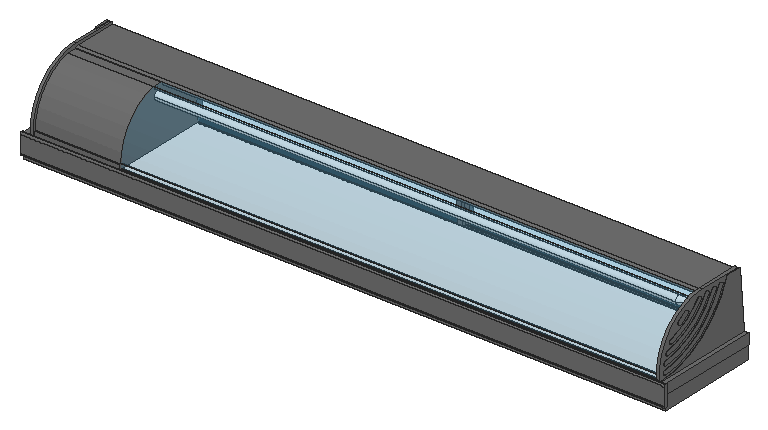
Revit family "QF_HOSHIZAKI_HNC-210BE-L-B", category Specialty Equipment, Revit 2016
Family settings
  Part Type = Normal
  Round Connector Dimension = Use Diameter
  OmniClass Number = 23.40.40.14
  OmniClass Title = Food Service Equipment
  Work Plane-Based = No
  Always vertical = Yes
  Cut with Voids When Loaded = No
  Shared = No
  Room Calculation Point = No
Parameters (values of type "HNC-210BE-L-B_240V/1Ph/50Hz")
  Weight = 47.00 kg
  Volts = 240 V
  URL Cutsheet = ""
  URL = "www.hoshizaki-europe.com"
  Status [instance] = ""
  Specification by User [instance] = ""
  Specification by Manufacturer [instance] = ""
  Serial Number = ""
  Seismic Rating = ""
  SMACNA No = ""
  Revision Code [instance] = ""
  Phase = 1
  Number of Poles = 2
  NAFEM Spec ID Number = ""
  Model = "HNC-210BE-L-B"
  Min Ckt Ampacity = 0 A
  Max Overcurrent Protection = 0 A
  Masterspec = ""
  Manufacturer = "HOSHIZAKI"
  Length Actual = 2100 mm
  Item Number [instance] = ""
  Installed By [instance] = ""
  Identify Quantity as Lot [instance] = no
  Height Actual = 270 mm
  HP power = ""
  Furnished By [instance] = ""
  Foodservice Equipment Identifier [instance] = yes
  FL Amps = 0.63 A
  Electric power = 150 W
  Electric Connection Type [instance] = ""
  Elec Conn RI Height [instance] = 0 mm
  Elec Conn Connection Height [instance] = 18 mm
  Description = "87 LITRE SUSHI CASE, BLACK, LEFT MOUNTED CONDENSER"
  Depth Actual = 345 mm
  Cycle = 50 Hz
  Cost = 0
  Conn Plug = ""
  Conn Conduit = no
  CSI MasterFormat = ""
  Assembly Code = "E1090320"
  Apparent Power = 150 VA
  Accessory = no
Types (2, lengths in mm): name | Volts | FL Amps
  HNC-210BE-L-B_230V/1Ph/50Hz | 230 V | 0.68 A
  HNC-210BE-L-B_240V/1Ph/50Hz | 240 V | 0.63 A
Reference planes
  plane 1 "Center (Front/Back)": y = 0
  plane 2: z = 0
  plane 3 "Center (Left/Right)": x = 0
Forms (mm)
  Extrusion 1, solid, not visible
    sketch origin (28, 3, 17) x (1, 0, 0) y (0, 1, 0)
      loop
        line (0, 0) -> (2, 0) -> (2, 2) -> (0, 2) -> (0, 0)
    from 0 to 2
  Extrusion 2, solid, not visible
    sketch origin (28, 3, 17) x (1, 0, 0) y (0, 1, 0)
      loop
        line (0, 0) -> (2, 0) -> (2, 2) -> (0, 2) -> (0, 0)
    from 0 to 2
Dimensions and locks
  aligned and locked: level to plane 2
Nested families
  nested 1: "QF_HOSHIZAKI_HNC-210BE-L-B_230V_1Ph_50Hz" at (0, 0, 0), type "HNC-210BE-L-B_230V/1Ph/50Hz"
    with Status "", Specification by User "", Show Clearance yes, Revision Code "", Number of Poles 1, Item Number "", Installed By "", Identify Quantity as Lot no, Furnished By "", Foodservice Equipment Identifier yes, Electrical Remarks "", Electric Connection Type "", Elec Conn RI Height 0 mm, Elec Conn Connection Height 19 mm, Conn Conduit yes
Connectors
  electrical at (29, 5, 18), driven by "Apparent Power", driven by "Number of Poles", driven by "Volts"
    settings: on Extrusion 1, index 1, voltage 240 V, apparent load 0 VA, apparent load phase1 150 VA, apparent load phase2 0 VA, apparent load phase3 0 VA, power factor 1, load classification "Other", number of poles 2, system type 31, power factor state 1, is connector primary yes, connector utility no, sub classification motor no, connector description "Electric connection for 'HNC-210BE-L-B'"
  electrical at (29, 5, 18), driven by "Apparent Power", driven by "Number of Poles", driven by "Volts"
    settings: on Extrusion 2, index 2, voltage 240 V, apparent load 0 VA, apparent load phase1 150 VA, apparent load phase2 0 VA, apparent load phase3 0 VA, power factor 1, load classification "Other", number of poles 2, system type 31, power factor state 1, is connector primary no, connector utility no, sub classification motor no, connector description "Electric connection for 'HNC-210BE-L-B'"
Definition of nested family "QF_HOSHIZAKI_HNC-210BE-L-B_230V_1Ph_50Hz"
  Parameters (values of type "HNC-210BE-L-B_230V/1Ph/50Hz")
    Weight in Pounds = 103.6171
    Electric power = 150 W
    Volts = 230 V
    URL Cutsheet = "www.hoshizaki-europe.com"
    URL = "www.hoshizaki-europe.com"
    Status [instance] = ""
    Specification by User [instance] = ""
    Specification by Manufacturer = ""
    Show Clearance [instance] = yes
    Serial Number = ""
    Seismic Rating = ""
    SMACNA No = ""
    Revision Code [instance] = ""
    Phase = 1
    Number of Poles [instance] = 1
    NAFEM Spec ID Number = ""
    Model = "HNC-210BE-L-B"
    Min Ckt Ampacity = 0 A
    Max Overcurrent Protection = 0 A
    Masterspec = ""
    Manufacturer = "HOSHIZAKI"
    Item Number [instance] = ""
    Installed By [instance] = ""
    Identify Quantity as Lot [instance] = no
    HP power = "0.201153000000"
    Furnished By [instance] = ""
    Foodservice Equipment Identifier [instance] = yes
    FL Amps = 20 A
    Electrical Remarks [instance] = ""
    Electric Connection Type [instance] = ""
    Elec Conn RI Height [instance] = 0 mm
    Elec Conn Connection Height [instance] = 19 mm
    Description = "87 LITRE SUSHI CASE, BLACK, LEFT MOUNTED CONDENSER"
    Cycle = 50 Hz
    Conn Plug = ""
    Conn Conduit [instance] = yes
    CSI MasterFormat = ""
    Assembly Code = "E1090320"
    Apparent Power = 150 VA
  Types (2, lengths in mm): name | Phase | Identify Quantity as Lot | Elec Conn Connection Height
    (no name) | 0 | yes | 0
    HNC-210BE-L-B_230V/1Ph/50Hz | 1 | no | 19
  Values of the unnamed type that differ from the named types
    Weight in Pounds = 0
    Electric power = 0 W
    Volts = 0 V
    URL Cutsheet = ""
    URL = ""
    Model = ""
    Manufacturer = ""
    HP power = ""
    FL Amps = 0 A
    Description = ""
    Cycle = 0 Hz
    Apparent Power = 0 VA
  Reference planes
    plane 1 "Back": y = 0
    plane 2: z = 0
    plane 3 "Left": x = 0
    plane 4 "Right": x = 2100
    plane 5 "Front": y = -345
    plane 6 "Top": z = 270
  Forms (mm)
    Extrusion 1, solid
      sketch origin (0, 0, 0) x (0, 1, 0) y (0, 0, 1)
        loop
          line (-335, 11.612) -> (-335, 78.923) -> (-340, 78.923)
          arc (-340, 78.923) -> (-343.536, 77.458) -> (-345, 73.923) r 5
          line (-345, 73.923) -> (-345, 16.612)
          arc (-345, 16.612) -> (-343.536, 13.076) -> (-340, 11.612) r 5
          line (-340, 11.612) -> (-335, 11.612)
      from 0 to 2100
    Extrusion 2, solid
      sketch origin (4, 0, 0) x (0, 1, 0) y (0, 0, 1)
        loop
          line (0, 0) -> (0, 45.267) -> (-335, 45.267) -> (-335, 0) -> (0, 0)
      from 2092 to 0
    Extrusion 3, solid
      sketch origin (2080, 0, 0) x (0, 1, 0) y (0, 0, -1)
        loop
          arc (-335, -77.311) -> (-168.876, -131.23) -> (-62.821, -270) r 293.422
          line (-62.821, -270) -> (-16.482, -270) -> (0, -81.612) -> (0, -45.267) -> (-335, -45.267) -> (-335, -77.311)
        loop
          arc (-83.709, -252.219) -> (-178.479, -139.765) -> (-317.08, -90.602) r 280.922
          arc (-317.08, -90.602) -> (-323.161, -96.407) -> (-318.029, -103.066) r 6.285
          arc (-318.029, -103.066) -> (-185.592, -150.044) -> (-95.039, -257.5) r 268.422
          arc (-95.039, -257.5) -> (-87.673, -258.508) -> (-83.709, -252.219) r 6.865
        loop
          arc (-111.859, -251.686) -> (-195.78, -158.227) -> (-314.06, -115.953) r 255.922
          arc (-314.06, -115.953) -> (-320.31, -121.62) -> (-315.28, -128.393) r 6.28
          arc (-315.28, -128.393) -> (-202.759, -168.597) -> (-122.925, -257.5) r 243.422
          arc (-122.925, -257.5) -> (-115.571, -258.059) -> (-111.859, -251.686) r 6.947
        loop
          arc (-140.937, -251.021) -> (-211.328, -177.909) -> (-306.269, -142.04) r 230.922
          arc (-306.269, -142.04) -> (-312.519, -147.451) -> (-308.057, -154.411) r 6.315
          arc (-308.057, -154.411) -> (-218.228, -188.332) -> (-151.626, -257.5) r 218.422
          arc (-151.626, -257.5) -> (-143.81, -258.338) -> (-140.937, -251.021) r 6.48
        loop
          arc (-173, -248.071) -> (-226.037, -198.16) -> (-293.13, -169.833) r 205.922
          arc (-293.13, -169.833) -> (-298.352, -176.046) -> (-293.527, -182.572) r 6.554
          arc (-293.527, -182.572) -> (-231.849, -209.297) -> (-183.042, -255.516) r 193.422
          arc (-183.042, -255.516) -> (-175.054, -255.795) -> (-173, -248.071) r 6.411
        loop
          arc (-225.482, -229.368) -> (-239.933, -218.945) -> (-255.34, -209.993) r 180.922
          arc (-255.34, -209.993) -> (-262.519, -213.318) -> (-261.08, -221.097) r 6.452
          arc (-261.08, -221.097) -> (-246.737, -229.431) -> (-233.285, -239.134) r 168.422
          arc (-233.285, -239.134) -> (-225.701, -237.193) -> (-225.482, -229.368) r 6.501
      from 0 to 5
    Extrusion 4, solid
      sketch origin (2075, 0, 0) x (0, 1, 0) y (0, 0, -1)
        loop
          line (-335, -45.267) -> (-335, -77.311)
          arc (-335, -77.311) -> (-288.48, -212.569) -> (-157.482, -270) r 178.115
          line (-157.482, -270) -> (-16.482, -270) -> (0, -81.612) -> (0, -45.267) -> (-335, -45.267)
      from 0 to 10
    Extrusion 5, solid
      sketch origin (20, 0, 0) x (0, 1, 0) y (0, 0, 1)
        loop
          line (-335, 77.311) -> (-335, 45.267) -> (0, 45.267) -> (0, 81.612) -> (-16.482, 270) -> (-62.821, 270)
          arc (-62.821, 270) -> (-168.876, 131.23) -> (-335, 77.311) r 293.422
        loop
          arc (-83.709, 252.219) -> (-87.673, 258.508) -> (-95.039, 257.5) r 6.865
          arc (-95.039, 257.5) -> (-185.592, 150.044) -> (-318.029, 103.066) r 268.422
          arc (-318.029, 103.066) -> (-323.161, 96.407) -> (-317.08, 90.602) r 6.285
          arc (-317.08, 90.602) -> (-178.479, 139.765) -> (-83.709, 252.219) r 280.922
        loop
          arc (-111.859, 251.686) -> (-115.571, 258.059) -> (-122.925, 257.5) r 6.947
          arc (-122.925, 257.5) -> (-202.759, 168.597) -> (-315.28, 128.393) r 243.422
          arc (-315.28, 128.393) -> (-320.31, 121.62) -> (-314.06, 115.953) r 6.28
          arc (-314.06, 115.953) -> (-195.78, 158.227) -> (-111.859, 251.686) r 255.922
        loop
          arc (-140.937, 251.021) -> (-143.81, 258.338) -> (-151.626, 257.5) r 6.48
          arc (-151.626, 257.5) -> (-218.228, 188.332) -> (-308.057, 154.411) r 218.422
          arc (-308.057, 154.411) -> (-312.519, 147.451) -> (-306.269, 142.04) r 6.315
          arc (-306.269, 142.04) -> (-211.328, 177.909) -> (-140.937, 251.021) r 230.922
        loop
          arc (-173, 248.071) -> (-175.054, 255.795) -> (-183.042, 255.516) r 6.411
          arc (-183.042, 255.516) -> (-231.849, 209.297) -> (-293.527, 182.572) r 193.422
          arc (-293.527, 182.572) -> (-298.352, 176.046) -> (-293.13, 169.833) r 6.554
          arc (-293.13, 169.833) -> (-226.037, 198.16) -> (-173, 248.071) r 205.922
        loop
          arc (-225.482, 229.368) -> (-225.701, 237.193) -> (-233.285, 239.134) r 6.501
          arc (-233.285, 239.134) -> (-246.737, 229.431) -> (-261.08, 221.097) r 168.422
          arc (-261.08, 221.097) -> (-262.519, 213.318) -> (-255.34, 209.993) r 6.452
          arc (-255.34, 209.993) -> (-239.933, 218.945) -> (-225.482, 229.368) r 180.922
      from 0 to 5
    Extrusion 6, solid
      sketch origin (25, 0, 0) x (0, 1, 0) y (0, 0, 1)
        loop
          line (-335, 45.267) -> (0, 45.267) -> (0, 81.612) -> (-16.482, 270) -> (-157.482, 270)
          arc (-157.482, 270) -> (-288.48, 212.569) -> (-335, 77.311) r 178.115
          line (-335, 77.311) -> (-335, 45.267)
      from 0 to 10
    Extrusion 7, solid
      sketch origin (0, 0, 0) x (0, 1, 0) y (0, 0, 1)
        loop
          line (-335.005, 77.311) -> (-9.983, 77.311) -> (-9.983, 45.267) -> (0, 45.267) -> (0, 81.612) -> (-15.607, 260) -> (-198.787, 260)
          arc (-198.787, 260) -> (-293.716, 198.698) -> (-330.597, 91.885) r 173.115
          line (-330.597, 91.885) -> (-335.597, 91.885) -> (-335.005, 77.311)
      from 35 to 317
    Extrusion 8, solid
      sketch origin (0, 0, 0) x (0, 1, 0) y (0, 0, 1)
        loop
          line (-9.983, 45.267) -> (-9.983, 67.293)
          arc (-9.983, 67.293) -> (-12.951, 74.377) -> (-20.035, 77.311) r 10.017
          line (-20.035, 77.311) -> (-324.983, 77.311)
          arc (-324.983, 77.311) -> (-332.066, 74.377) -> (-335, 67.293) r 10.017
          line (-335, 67.293) -> (-335, 45.267) -> (-9.983, 45.267)
      from 35 to 2065
    Extrusion 9, solid
      sketch origin (0, 0, 0) x (0, 1, 0) y (0, 0, 1)
        loop
          line (-16.044, 265) -> (-157.482, 265)
          arc (-157.482, 265) -> (-162.482, 263.66) -> (-166.142, 260) r 10
          line (-166.142, 260) -> (-166.142, 255) -> (-15.169, 255) -> (-16.044, 265)
      from 35 to 2065
    Extrusion 10, solid
      sketch origin (0, 0, 0) x (0, 1, 0) y (0, 0, 1)
        loop
          line (-166.142, 260) -> (-198.787, 260)
          arc (-198.787, 260) -> (-293.716, 198.698) -> (-330.597, 91.885) r 173.115
          line (-330.597, 91.885) -> (-330.597, 77.395) -> (-325.597, 77.395) -> (-325.597, 91.885)
          arc (-325.597, 91.885) -> (-289.967, 195.377) -> (-198.178, 255) r 168.115
          line (-198.178, 255) -> (-166.142, 255) -> (-166.142, 260)
      from 317 to 2065
    Sweep 11, solid
      path origin (898.568, 0, 230) x (1, 0, 0) y (0, 1, 0)
        loop
          line (1072.551, -50.66) -> (1112.551, -50.66)
          arc (1112.551, -50.66) -> (1140.051, -62.051) -> (1151.442, -89.551) r 38.891
          line (1151.442, -89.551) -> (1151.442, -153.787)
          arc (1151.442, -153.787) -> (1142.122, -176.287) -> (1119.622, -185.607) r 31.82
          line (1119.622, -185.607) -> (-580.378, -185.607)
      profile origin (1991.12, -50.66, 230) x (0, 1, 0) y (0, 0, 1)
        loop
          circle (0, 0) r 12.5
    Extrusion 12, solid
      sketch origin (0, 0, 0) x (0, 1, 0) y (0, 0, 1)
        loop
          line (0, 45.267) -> (0, 81.612) -> (-1.743, 101.536) -> (-6.743, 101.536) -> (-5, 81.612) -> (-5, 77.311) -> (-10, 77.311) -> (-10, 45.267) -> (0, 45.267)
      from 317 to 2065
    Extrusion 13, solid
      sketch origin (900, 0, 0) x (0, 1, 0) y (0, 0, 1)
        loop
          line (-6.743, 101.536) -> (-1.743, 101.536) -> (-15.169, 255) -> (-20.169, 255) -> (-6.743, 101.536)
      from 1150 to 1165
    Extrusion 14, solid
      sketch origin (317, -10, 0) x (0, 1, 0) y (0, 0, 1)
        loop
          line (-5, 77.311) -> (-5, 81.612) -> (-20.169, 255) -> (-25.169, 255) -> (-9.917, 80.666) -> (-9.917, 77.311) -> (-5, 77.311)
      from 0 to 850
    Extrusion 15, solid
      sketch origin (0, 0, 0) x (1, 0, 0) y (0, 0, 1)
        loop
          line (20, 45.267) -> (20, 78.923) -> (4, 78.923) -> (4, 45.267) -> (20, 45.267)
      from 0 to 335
    Extrusion 16, solid
      sketch origin (2080, 0, 0) x (1, 0, 0) y (0, 0, 1)
        loop
          line (16, 45.267) -> (16, 78.923) -> (0, 78.923) -> (0, 45.267) -> (16, 45.267)
      from 0 to 335
    Extrusion 17, solid
      sketch origin (30, 5, 19) x (1, 0, 0) y (0, 0, 1)
        loop
          circle (0, 0) r 5
      from 0 to 5
    Extrusion 18, solid
      sketch origin (1500, 0, 0) x (0, 1, 0) y (0, 0, 1)
        loop
          line (-5, 77.311) -> (-5, 81.612) -> (-20.169, 255) -> (-25.169, 255) -> (-9.917, 80.666) -> (-9.917, 77.311) -> (-5, 77.311)
      from -300 to 550
    Extrusion 19, solid
      sketch origin (1200, 0, 0) x (0, 1, 0) y (0, 0, -1)
        loop
          line (-6.743, -101.536) -> (-4.917, -80.666) -> (-9.917, -80.666) -> (-25.169, -255) -> (-20.169, -255) -> (-14.603, -248.524) -> (-2.401, -109.056) -> (-6.743, -101.536)
      from 16 to 0
    Extrusion 20, solid
      sketch origin (1183, -10, 0) x (0, 1, 0) y (0, 0, -1)
        loop
          line (-6.743, -101.536) -> (-4.917, -80.666) -> (-9.917, -80.666) -> (-25.169, -255) -> (-20.169, -255) -> (-14.603, -248.524) -> (-2.401, -109.056) -> (-6.743, -101.536)
      from 16 to 0
  Lines and regions (mm)
    symbolic lines
      curve 1: line (0, -335, 0) -> (0, -345, 0)
      curve 2: line (0, -345, 0) -> (2100, -345, 0)
      curve 3: line (2100, -345, 0) -> (2100, -335, 0)
      curve 4: line (2100, -335, 0) -> (2096, -335, 0)
      curve 5: line (2096, -335, 0) -> (2096, 0, 0)
      curve 6: line (2096, 0, 0) -> (4, 0, 0)
      curve 7: line (35, 0, 0) -> (35, 5, 0)
      curve 8: line (35, 5, 0) -> (25, 5, 0)
      curve 9: line (25, 5, 0) -> (25, 0, 0)
      curve 10: line (4, 0, 0) -> (4, -335, 0)
      curve 11: line (4, -335, 0) -> (0, -335, 0)
      curve 12: line (0, -335, 0) -> (2100, -335, 0)
      curve 13: line (2065, -335, 0) -> (2065, 0, 0)
      curve 14: line (35, -335, 0) -> (35, 0, 0)
      curve 15: line (317, 0, 0) -> (317, -335, 0)
      curve 16: line (2065, -166.142, 0) -> (317, -166.142, 0)
      curve 17: arc (2020, -198.787, 0) -> (2046.027, -189.037, 0) -> (2061.784, -166.142, 0) r 46.31
      curve 18: arc (2035, -166.142, 0) -> (2027.423, -171.229, 0) -> (2018.655, -173.764, 0) r 29.577
      curve 19: line (2018.655, -173.764, 0) -> (317, -173.764, 0)
      curve 20: line (317, -198.787, 0) -> (2020, -198.787, 0)
  Dimensions and locks
    aligned and locked: level to plane 2
  Connectors
    electrical at (30, 5, 19), driven by "Apparent Power", driven by "Volts", driven by "Number of Poles"
      settings: on Extrusion 17, index 1, voltage 230 V, apparent load 0 VA, apparent load phase1 150 VA, apparent load phase2 0 VA, apparent load phase3 0 VA, power factor 1, load classification none, number of poles 1, system type 31, power factor state 1, is connector primary yes, connector utility no, sub classification motor no, connector description "Electrical Connection"
